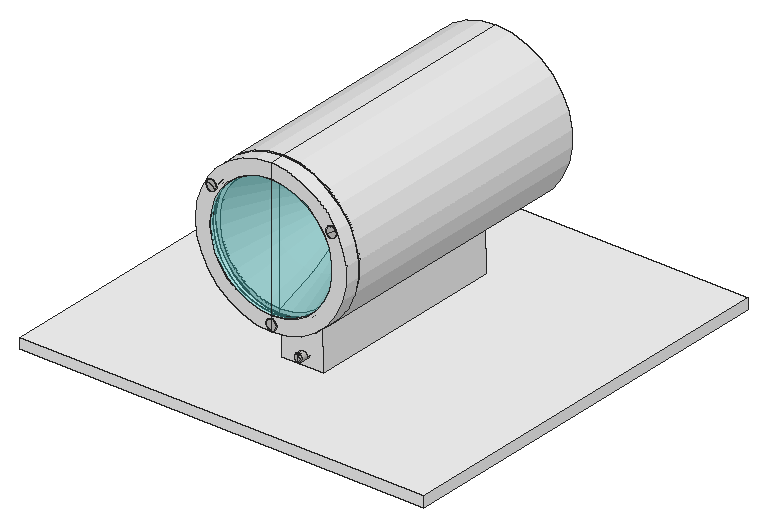
Revit family "BE_66698_de_DE", category Leuchten, Revit 2015
Parameters (values of type "BEGA_66698_Weiß_K4")
  built-in parameter 1150104 = 7.488 (stored number, unit not read)
  Wattage = 18 W
  Default Elevation = 0 mm
  built-in parameter 1150113 = 1 (stored number, unit not read)
  built-in parameter 1114218 = 1 (stored number, unit not read)
  Umgebungstemperatur = "25 °C"
  URL = "http://www.bega.de/produkt/66698"
  Typenkommentare = "© 2017 BEGA. Wir behalten uns das Recht vor, technische Änderungen ohne vorherige Ankündigung vorzunehmen."  # constant formula
  Type Image = 66698.png
  built-in parameter 1150134 = 12
  built-in parameter 1150109 = 1 (stored number, unit not read)
  Strom = ""
  built-in parameter 1150110 = 1 (stored number, unit not read)
  Spannung = 239.996 V
  Sonderanfertigung = no
  Seriennummer [instance] = "Hier können Sie die eindeutige Seriennummer für das Facility Management eintragen."
  Schutzklasse = "I"
  Schutzart = "IP 65"
  Scheinlast = 0 VA
  Produktdatenblatt = "http://www.bega.de/download/Xrfa/db/66698.db.de.pdf"
  Oberflächentemperatur = ""
  Neigungswinkel = 0.00°
  Modell = "66698WK4"
  Material_17 = BEGA_Reflektor
  Material_15 = BEGA_Leuchtmedium_matt
  Material_11 = BEGA_Glas_opal
  Material_09 = BEGA_Glas_klar
  Material_06 = BEGA_Oberfläche_Edelstahl_gebürstet
  Material_03 = BEGA_Oberfläche_Weiss_matt
  Material_02 = BEGA_Oberfläche_Silber_matt
  Material_01 [instance] = BEGA_Oberfläche_Grafit_matt
  M_W = yes
  M_G = no
  M_A = no
  Logo = 0
  built-in parameter 1114217 = 1 (stored number, unit not read)
  built-in parameter 1150139 = (empty or 0)
  built-in parameter 1150105 = 115.45 (stored number, unit not read)
  built-in parameter 1150114 = 1 (stored number, unit not read)
  Lumens = 1450.8 lm
  built-in parameter 1150115 = 1 (stored number, unit not read)
  Leuchtenlichtstrom = "833 lm"
  Leuchtenanzahl = ""
  Lebensdauerkriterien = "L70 = 50.000 h"
  Lastklassifizierung = Beleuchtung
  built-in parameter 1150112 = 1 (stored number, unit not read)
  Lampenlichtstrom = "1450 lm"
  Lampe = "LED 18 W"
  LED_Modulbezeichnung = "LED-0222/840"
  built-in parameter 1150142 = (empty or 0)
  Hersteller = "BEGA"  # constant formula
  Halbstreuwinkel = ""
  Gewicht = "3.3 kg"
  Gebrauchslageneinschränkung [instance] = ""
  Frequenz = "0/50-60 Hz"
  Farbwiedergabeindex = "Ra > 80"
  Farbtemperaturverschiebung bei Dämpfen der Lampe = <Keine Auswahl>
  Farbtemperatur = "4000 K"
  Color Filter = 16777215
  built-in parameter 1150133 = 10 (stored number, unit not read)
  Energieeffizienzklasse = "LED A++ - A"
  built-in parameter 1150137 = (empty or 0)
  built-in parameter 1150132 = (empty or 0)
  ENEC = ""
  Dimmbar [instance] = ""
  Datei für fotometrisches Netz = "BE_66698K4.IES"
  CE_Konformität = "ja"
  Bestellnummer = "66698WK4"
  Beschreibung_Sonderanfertigung = "Hier können Sie Informationen zur Sonderanfertigung eintragen."
  Beschreibung = "Wandleuchte"
  built-in parameter 1150106 = 1.1545 (stored number, unit not read)
  Befestigungsbohrung = "Ø 5,3 mm"
  Befestigungsabstand = "160 x 14 mm"
  Ballwurfsicher = ""
  BEGA_Intern_aus = yes
  BEGA_Intern_an = yes
  BEGA_Intern_Konstruktion = yes
  BEGA_Intern = yes
  BEGA_IES = yes
  BEGA_Dummy = no
  Anschlussleitung = ""
  Anschlussleistung [instance] = "22.5 W"
  Anschlusskasten = ""
  built-in parameter 1150107 = 4000 (stored number, unit not read)
  built-in parameter 1150102 = (empty or 0)
  built-in parameter 1150138 = (empty or 0)
  Aktualisierung = "2017-02-22T04:16:27"
  Abstand_zur_angestrahlten_Fläche [instance] = ""
  AC/DC = "AC/DC"
Types (6, lengths in mm): name | built-in parameter 1150104 | built-in parameter 1150134 | Modell | M_W | M_G | M_A | built-in parameter 1150105 | Lumens | Leuchtenlichtstrom | Lampenlichtstrom | LED_Modulbezeichnung | Farbtemperatur | Datei für fotometrisches Netz | Bestellnummer | built-in parameter 1150106 | built-in parameter 1150107
  BEGA_66698_Silber_K4 | 7.488 (stored number, unit not read) | 12 | "66698AK4" | no | no | yes | 115.45 (stored number, unit not read) | 1450.8 lm | "833 lm" | "1450 lm" | "LED-0222/840" | "4000 K" | "BE_66698K4.IES" | "66698AK4" | 1.1545 (stored number, unit not read) | 4000 (stored number, unit not read)
  BEGA_66698_Weiß_K4 | 7.488 (stored number, unit not read) | 12 | "66698WK4" | yes | no | no | 115.45 (stored number, unit not read) | 1450.8 lm | "833 lm" | "1450 lm" | "LED-0222/840" | "4000 K" | "BE_66698K4.IES" | "66698WK4" | 1.1545 (stored number, unit not read) | 4000 (stored number, unit not read)
  BEGA_66698_Grafit_K3 | 6.9677 (stored number, unit not read) | (empty or 0) | "66698" | no | yes | no | 107.43 (stored number, unit not read) | 1350 lm | "776 lm" | "1350 lm" | "LED-0222/830" | "3000 K" | "BE_66698.IES" | "66698" | 1.0743 (stored number, unit not read) | 3000 (stored number, unit not read)
  BEGA_66698_Weiß_K3 | 6.9677 (stored number, unit not read) | (empty or 0) | "66698W" | yes | no | no | 107.43 (stored number, unit not read) | 1350 lm | "776 lm" | "1350 lm" | "LED-0222/830" | "3000 K" | "BE_66698.IES" | "66698W" | 1.0743 (stored number, unit not read) | 3000 (stored number, unit not read)
  BEGA_66698_Grafit_K4 | 7.488 (stored number, unit not read) | 12 | "66698K4" | no | yes | no | 115.45 (stored number, unit not read) | 1450.8 lm | "833 lm" | "1450 lm" | "LED-0222/840" | "4000 K" | "BE_66698K4.IES" | "66698K4" | 1.1545 (stored number, unit not read) | 4000 (stored number, unit not read)
  BEGA_66698_Silber_K3 | 6.9677 (stored number, unit not read) | (empty or 0) | "66698A" | no | no | yes | 107.43 (stored number, unit not read) | 1350 lm | "776 lm" | "1350 lm" | "LED-0222/830" | "3000 K" | "BE_66698.IES" | "66698A" | 1.0743 (stored number, unit not read) | 3000 (stored number, unit not read)
Reference planes
  plane 1 "Mitte (Vorne/Hinten)": y = 0
  plane 2: z = 0
  plane 3 "Mitte (Links/Rechts)": x = 0
  plane 4 "Links": x = -75
  plane 5 "Rechts": x = 75
  plane 6 "Unten": y = -138.971
  plane 7 "Oben": y = 138.971
  plane 8 "Vorne": z = 200
  plane 9 "Hinten": z = 0
Forms (mm)
  Extrusion 1, solid, material "BEGA_Platte_Weiss"
    sketch origin (0, -1119.2, 0) x (1, 0, 0) y (0, 1, 0)
      loop
        line (-200, 1319.2) -> (-200, 919.2) -> (200, 919.2) -> (200, 1319.2) -> (-200, 1319.2)
    from 0 to -10
  Extrusion 2, solid, material "BEGA_Dummy_matt", visible <- "BEGA_Dummy"
    sketch origin (80.095, -76.023, 0) x (1, 0, 0) y (0, 1, 0)
      loop
        line (-155.095, 214.994) -> (-155.095, -62.948) -> (-5.095, -62.948) -> (-5.095, 214.994) -> (-155.095, 214.994)
    from 0 to 200
Dimensions and locks
  plane 1 "Mitte (Vorne/Hinten)" to Extrusion 1 = 200 mm
  aligned and locked: plane 2 to Extrusion 1
  aligned and locked: level to Extrusion 1
Nested families
  nested 1: "BE_66698" at (0, 0, 0) x (0, -1, 0) z (0, 0, 1), type "BE_66698"
Connectors
  electrical at (0, 0, 0), driven by "Lastklassifizierung", driven by "Spannung", driven by "Scheinlast"
    settings: index 1, voltage 239.996 V, apparent load 0 VA, apparent load phase1 0 VA, apparent load phase2 0 VA, apparent load phase3 0 VA, power factor 1, load classification "Beleuchtung", number of poles 1, system type 31, power factor state 1, is connector primary yes, connector utility no, sub classification motor no, connector description ""
Definition of nested family "BE_66698"
  Parameters (values of type "BE_66698")
    Default Elevation = 1 mm
    URL = "http://www.bega.de/de/produkt"
    Type Comments = "© 2015 BEGA. Wir behalten uns das Recht vor, technische Änderungen ohne vorherige Ankündigung vorzunehmen. "  # constant formula
    Type Image = (empty or 0)
    Material_17 = none
    Material_15 = none
    Material_11 = none
    Material_09 = none
    Material_06 = none
    Material_03 = none
    Material_02 = none
    Material_01 = none
    M_W = yes
    M_G = yes
    M_A = yes
    Länge_Platte = 400 mm  # constant formula
    Höhe_Platte = -10 mm  # constant formula
    Manufacturer = "BEGA"  # constant formula
    Breite_Platte = 200 mm  # constant formula
  Reference planes
    plane 1 "Mitte (Oben/Unten)": y = 0
    plane 2: z = 0
    plane 3 "Mitte (Links/Rechts)": x = 0
    plane 4 "Unten": y = -75
    plane 5: x = -138.971
    plane 6: z = 198.5
    plane 7: x = 138.971
    plane 8: z = 0
    plane 9: y = 75
  Forms (mm)
    Extrusion 1, solid, detail levels medium
      sketch origin (0, 0, 0) x (1, 0, 0) y (0, 1, 0)
        loop
          line (-200, 100) -> (-200, -100) -> (200, -100) -> (200, 100) -> (-200, 100)
      from 0 to -10 <- "Höhe_Platte"
    Extrusion 2, solid, material <- "Material_01", visible <- "M_G", detail levels medium+fine
      sketch origin (0, 0, 0) x (0, 1, 0) y (0, 0, 1)
        loop
          line (-20, 48.5) -> (-20.803, 2.5) -> (-16.072, 2.5) -> (-16.072, 49.351) -> (-17.846, 50.654) -> (-20, 48.5)
        loop
          line (20, 48.5) -> (17.846, 50.654) -> (16.072, 49.351) -> (16.072, 2.5) -> (20.803, 2.5) -> (20, 48.5)
      from -100.021 to 99.979
    Extrusion 3, solid, material <- "Material_01", visible <- "M_G", detail levels medium+fine
      sketch origin (0, 0, 0) x (0, 1, 0) y (0, 0, 1)
        loop
          line (-16.072, 49.351) -> (-17.846, 50.654) -> (-20, 48.5) -> (-20.803, 2.5) -> (20.803, 2.5) -> (20, 48.5) -> (17.846, 50.654) -> (13.469, 47.439)
          arc (13.469, 47.439) -> (-1.615, 43.552) -> (-16.072, 49.351) r 25
      from 96.138 to 99.979
    Extrusion 4, solid, material <- "Material_01", visible <- "M_G", detail levels medium+fine
      sketch origin (0, 0, 0) x (0, 1, 0) y (0, 0, -1)
        loop
          arc (-16.072, -49.351) -> (-1.615, -43.552) -> (13.469, -47.439) r 25
          line (13.469, -47.439) -> (17.846, -50.654) -> (20, -48.5) -> (20.803, -2.5) -> (-20.803, -2.5) -> (-20, -48.5) -> (-17.846, -50.654) -> (-16.072, -49.351)
      from 96.138 to 100.021
    Sweep 5, solid, material <- "Material_01", visible <- "M_G", detail levels medium+fine
      path origin (0, 0, 0) x (1, 0, 0) y (0, 1, 0)
        loop
          line (99.979, -20.803) -> (99.979, 20.803) -> (-100.021, 20.803) -> (-100.021, -20.803) -> (99.979, -20.803)
      profile origin (99.979, 0, 0) x (-1, 0, 0) y (0, 0, 1)
        loop
          line (7.192, 13.5) -> (7, 2.5) -> (5, 2.5) -> (5, 0) -> (10.71, 0) -> (10.71, 11.5) -> (17.119, 11.5) -> (17.119, 13.5) -> (7.192, 13.5)
    Extrusion 6, solid, material <- "Material_01", visible <- "M_G", detail levels medium+fine
      sketch origin (0, 0, 0) x (1, 0, 0) y (0, 1, 0)
        loop
          line (-82.902, 3.684) -> (-82.902, -3.684) -> (82.86, -3.684) -> (82.86, 3.684) -> (-82.902, 3.684)
      from 11.5 to 13.5
    Revolve 7, solid, material <- "Material_01", visible <- "M_G", detail levels medium+fine
      sketch origin (0, 0, 0) x (1, 0, 0) y (0, 0, 1)
        loop
          line (123.471, 198.5) -> (-138.971, 198.5) -> (-138.971, 123.5) -> (-136.971, 123.5) -> (-136.971, 194.5) -> (124.471, 194.5) -> (124.471, 183.122) -> (126.971, 183.122) -> (126.971, 196.25) -> (123.471, 196.25) -> (123.471, 198.5)
        axis (-138.971, 123.5) -> (126.971, 123.5)
      angle from 0 to 360
    Revolve 8, solid, material <- "Material_01", visible <- "M_G", detail levels medium+fine
      sketch origin (0, 0, 0) x (1, 0, 0) y (0, 0, 1)
        loop
          line (138.971, 198.256) -> (124.971, 198.5) -> (124.971, 196.8) -> (127.571, 196.755) -> (127.571, 188.505) -> (136.072, 188.505) -> (136.072, 184) -> (138.971, 184) -> (138.971, 198.256)
        axis (124.971, 123.5) -> (138.971, 123.5)
      angle from 0 to 360
    Revolve 9, solid, material <- "Material_09", detail levels medium+fine
      sketch origin (0, 0, 0) x (1, 0, 0) y (0, 0, 1)
        loop
          line (128.971, 186.5) -> (128.971, 123.5) -> (138.971, 123.5) -> (138.971, 183.75) -> (135.571, 183.75)
          arc (135.571, 183.75) -> (134.864, 184.043) -> (134.571, 184.75) r 1
          line (134.571, 184.75) -> (134.571, 186.5) -> (128.971, 186.5)
        axis (128.971, 123.5) -> (138.971, 123.5)
      angle from 0 to 360
    Revolve 10, solid, material <- "Material_17", detail levels medium+fine
      sketch origin (0, 0, 0) x (1, 0, 0) y (0, 0, 1)
        loop
          line (128.971, 182.264) -> (128.971, 186) -> (128.055, 186) -> (128.055, 182.691)
          arc (128.055, 182.691) -> (86.838, 167.677) -> (48.618, 146.15) r 268.405
          line (48.618, 146.15) -> (47.425, 132.516) -> (48.259, 132.516) -> (49.412, 145.689)
          arc (49.412, 145.689) -> (87.69, 167.243) -> (128.971, 182.264) r 268.405
        axis (47.425, 123.5) -> (128.971, 123.5)
      angle from 0 to 360
    Revolve 11, solid, material <- "Material_15", detail levels medium+fine
      sketch origin (0, 0, 0) x (1, 0, 0) y (0, 0, 1)
        loop
          line (46.621, 132.363) -> (45.727, 132.363) -> (45.727, 123.5) -> (46.621, 123.5) -> (46.621, 132.363)
        axis (45.727, 123.5) -> (46.727, 123.5)
      angle from 0 to 360
    Revolve 12, solid, material <- "Material_06", detail levels fine
      sketch origin (0, 0, 0) x (1, 0, 0) y (0, 0, 1)
        loop
          line (93.211, 15) -> (93.211, 11) -> (106.711, 11) -> (106.711, 14) -> (105.221, 14) -> (105.221, 15) -> (93.211, 15)
        axis (93.211, 11) -> (106.711, 11)
      angle from 0 to 360
    Sweep 13, solid, material <- "Material_02", visible <- "M_A", detail levels medium+fine
      path origin (0, 0, 0) x (1, 0, 0) y (0, 1, 0)
        loop
          line (99.979, -20.803) -> (99.979, 20.803) -> (-100.021, 20.803) -> (-100.021, -20.803) -> (99.979, -20.803)
      profile origin (99.979, 0, 0) x (-1, 0, 0) y (0, 0, 1)
        loop
          line (7.192, 13.5) -> (7, 2.5) -> (5, 2.5) -> (5, 0) -> (10.71, 0) -> (10.71, 11.5) -> (17.119, 11.5) -> (17.119, 13.5) -> (7.192, 13.5)
    Extrusion 14, solid, material <- "Material_02", visible <- "M_A", detail levels medium+fine
      sketch origin (0, 0, 0) x (1, 0, 0) y (0, 1, 0)
        loop
          line (-82.902, 3.684) -> (-82.902, -3.684) -> (82.86, -3.684) -> (82.86, 3.684) -> (-82.902, 3.684)
      from 11.5 to 13.5
    Sweep 15, solid, material <- "Material_03", visible <- "M_W", detail levels medium+fine
      path origin (0, 0, 0) x (1, 0, 0) y (0, 1, 0)
        loop
          line (99.979, -20.803) -> (99.979, 20.803) -> (-100.021, 20.803) -> (-100.021, -20.803) -> (99.979, -20.803)
      profile origin (99.979, 0, 0) x (-1, 0, 0) y (0, 0, 1)
        loop
          line (7.192, 13.5) -> (7, 2.5) -> (5, 2.5) -> (5, 0) -> (10.71, 0) -> (10.71, 11.5) -> (17.119, 11.5) -> (17.119, 13.5) -> (7.192, 13.5)
    Extrusion 16, solid, material <- "Material_03", visible <- "M_W", detail levels medium+fine
      sketch origin (0, 0, 0) x (1, 0, 0) y (0, 1, 0)
        loop
          line (-82.902, 3.684) -> (-82.902, -3.684) -> (82.86, -3.684) -> (82.86, 3.684) -> (-82.902, 3.684)
      from 11.5 to 13.5
    Extrusion 17, solid, material <- "Material_02", visible <- "M_A", detail levels medium+fine
      sketch origin (0, 0, 0) x (0, 1, 0) y (0, 0, 1)
        loop
          line (-20, 48.5) -> (-20.803, 2.5) -> (-16.072, 2.5) -> (-16.072, 49.351) -> (-17.846, 50.654) -> (-20, 48.5)
        loop
          line (20, 48.5) -> (17.846, 50.654) -> (16.072, 49.351) -> (16.072, 2.5) -> (20.803, 2.5) -> (20, 48.5)
      from -100.021 to 99.979
    Extrusion 18, solid, material <- "Material_02", visible <- "M_A", detail levels medium+fine
      sketch origin (0, 0, 0) x (0, 1, 0) y (0, 0, 1)
        loop
          line (-16.072, 49.351) -> (-17.846, 50.654) -> (-20, 48.5) -> (-20.803, 2.5) -> (20.803, 2.5) -> (20, 48.5) -> (17.846, 50.654) -> (13.469, 47.439)
          arc (13.469, 47.439) -> (-1.615, 43.552) -> (-16.072, 49.351) r 25
      from 96.138 to 99.979
    Extrusion 19, solid, material <- "Material_02", visible <- "M_A", detail levels medium+fine
      sketch origin (0, 0, 0) x (0, 1, 0) y (0, 0, -1)
        loop
          arc (-16.072, -49.351) -> (-1.615, -43.552) -> (13.469, -47.439) r 25
          line (13.469, -47.439) -> (17.846, -50.654) -> (20, -48.5) -> (20.803, -2.5) -> (-20.803, -2.5) -> (-20, -48.5) -> (-17.846, -50.654) -> (-16.072, -49.351)
      from 96.138 to 100.021
    Extrusion 20, solid, material <- "Material_03", visible <- "M_W", detail levels medium+fine
      sketch origin (0, 0, 0) x (0, 1, 0) y (0, 0, 1)
        loop
          line (-20, 48.5) -> (-20.803, 2.5) -> (-16.072, 2.5) -> (-16.072, 49.351) -> (-17.846, 50.654) -> (-20, 48.5)
        loop
          line (20, 48.5) -> (17.846, 50.654) -> (16.072, 49.351) -> (16.072, 2.5) -> (20.803, 2.5) -> (20, 48.5)
      from -100.021 to 99.979
    Extrusion 21, solid, material <- "Material_03", visible <- "M_W", detail levels medium+fine
      sketch origin (0, 0, 0) x (0, 1, 0) y (0, 0, 1)
        loop
          line (-16.072, 49.351) -> (-17.846, 50.654) -> (-20, 48.5) -> (-20.803, 2.5) -> (20.803, 2.5) -> (20, 48.5) -> (17.846, 50.654) -> (13.469, 47.439)
          arc (13.469, 47.439) -> (-1.615, 43.552) -> (-16.072, 49.351) r 25
      from 96.138 to 99.979
    Extrusion 22, solid, material <- "Material_03", visible <- "M_W", detail levels medium+fine
      sketch origin (0, 0, 0) x (0, 1, 0) y (0, 0, -1)
        loop
          arc (-16.072, -49.351) -> (-1.615, -43.552) -> (13.469, -47.439) r 25
          line (13.469, -47.439) -> (17.846, -50.654) -> (20, -48.5) -> (20.803, -2.5) -> (-20.803, -2.5) -> (-20, -48.5) -> (-17.846, -50.654) -> (-16.072, -49.351)
      from 96.138 to 100.021
    Revolve 23, solid, material <- "Material_02", visible <- "M_A", detail levels medium+fine
      sketch origin (0, 0, 0) x (1, 0, 0) y (0, 0, 1)
        loop
          line (123.471, 198.5) -> (-138.971, 198.5) -> (-138.971, 123.5) -> (-136.971, 123.5) -> (-136.971, 194.5) -> (124.471, 194.5) -> (124.471, 183.122) -> (126.971, 183.122) -> (126.971, 196.25) -> (123.471, 196.25) -> (123.471, 198.5)
        axis (-138.971, 123.5) -> (126.971, 123.5)
      angle from 0 to 360
    Revolve 24, solid, material <- "Material_02", visible <- "M_A", detail levels medium+fine
      sketch origin (0, 0, 0) x (1, 0, 0) y (0, 0, 1)
        loop
          line (138.971, 198.256) -> (124.971, 198.5) -> (124.971, 196.8) -> (127.571, 196.755) -> (127.571, 188.505) -> (136.072, 188.505) -> (136.072, 184) -> (138.971, 184) -> (138.971, 198.256)
        axis (124.971, 123.5) -> (138.971, 123.5)
      angle from 0 to 360
    Revolve 25, solid, material <- "Material_03", visible <- "M_W", detail levels medium+fine
      sketch origin (0, 0, 0) x (1, 0, 0) y (0, 0, 1)
        loop
          line (123.471, 198.5) -> (-138.971, 198.5) -> (-138.971, 123.5) -> (-136.971, 123.5) -> (-136.971, 194.5) -> (124.471, 194.5) -> (124.471, 183.122) -> (126.971, 183.122) -> (126.971, 196.25) -> (123.471, 196.25) -> (123.471, 198.5)
        axis (-138.971, 123.5) -> (126.971, 123.5)
      angle from 0 to 360
    Revolve 26, solid, material <- "Material_03", visible <- "M_W", detail levels medium+fine
      sketch origin (0, 0, 0) x (1, 0, 0) y (0, 0, 1)
        loop
          line (138.971, 198.256) -> (124.971, 198.5) -> (124.971, 196.8) -> (127.571, 196.755) -> (127.571, 188.505) -> (136.072, 188.505) -> (136.072, 184) -> (138.971, 184) -> (138.971, 198.256)
        axis (124.971, 123.5) -> (138.971, 123.5)
      angle from 0 to 360
    Revolve 27, void
      sketch origin (0, 106.954, 185.25) x (1, 0, 0) y (0, -0.866025, -0.5)
        loop
          line (136.495, 57.824) -> (136.495, 55) -> (139.189, 55) -> (139.189, 60.518) -> (136.495, 57.824)
        axis (136.495, 55) -> (139.189, 55)
      angle from 0 to 360
    Revolve 28, void
      sketch origin (0, 0, 0) x (1, 0, 0) y (0, 0, 1)
        loop
          line (136.495, 57.824) -> (136.495, 55) -> (139.189, 55) -> (139.189, 60.518) -> (136.495, 57.824)
        axis (136.495, 55) -> (139.189, 55)
      angle from 0 to 360
    Revolve 29, void
      sketch origin (0, -106.954, 185.25) x (1, 0, 0) y (0, 0.866025, -0.5)
        loop
          line (136.495, 57.824) -> (136.495, 55) -> (139.189, 55) -> (139.189, 60.518) -> (136.495, 57.824)
        axis (136.495, 55) -> (139.189, 55)
      angle from 0 to 360
    Revolve 30, solid, material <- "Material_06", detail levels fine
      sketch origin (0, 0, 0) x (1, 0, 0) y (0, 0, 1)
        loop
          line (138.971, 59.997) -> (138.132, 59.997) -> (138.132, 55) -> (138.971, 55) -> (138.971, 59.997)
        axis (138.132, 55) -> (139.132, 55)
      angle from 0 to 360
    Revolve 31, solid, material <- "Material_06", detail levels fine
      sketch origin (0, -106.954, 185.25) x (1, 0, 0) y (0, 0.866025, -0.5)
        loop
          line (138.971, 59.997) -> (138.132, 59.997) -> (138.132, 55) -> (138.971, 55) -> (138.971, 59.997)
        axis (138.132, 55) -> (139.132, 55)
      angle from 0 to 360
    Revolve 32, solid, material <- "Material_06", detail levels fine
      sketch origin (0, 106.954, 185.25) x (1, 0, 0) y (0, -0.866025, -0.5)
        loop
          line (138.971, 59.997) -> (138.132, 59.997) -> (138.132, 55) -> (138.971, 55) -> (138.971, 59.997)
        axis (138.132, 55) -> (139.132, 55)
      angle from 0 to 360
    Extrusion 33, void
      sketch origin (0, 0, 0) x (1, 0, 0) y (0, 1, 0)
        loop
          circle (79.979, -7) r 2.65
        loop
          circle (-80.021, 7) r 2.65
        loop
          circle (-57.021, 0) r 8.5
        loop
          circle (-24.021, 0) r 8.5
      from 0 to 19.5
  Cuts and joins
    joined: Extrusion 2, Extrusion 3, Extrusion 4
    Extrusion 33 cuts Sweep 5
    Extrusion 33 cuts Extrusion 6
    joined: Sweep 5, Extrusion 6
    Extrusion 33 cuts Sweep 13
    Extrusion 33 cuts Extrusion 14
    joined: Sweep 13, Extrusion 14
    Extrusion 33 cuts Sweep 15
    Extrusion 33 cuts Extrusion 16
    joined: Sweep 15, Extrusion 16
    joined: Extrusion 17, Extrusion 18, Extrusion 19
    joined: Extrusion 20, Extrusion 21, Extrusion 22
    Revolve 27, Revolve 28, Revolve 29 cuts Revolve 26
    Revolve 27, Revolve 28, Revolve 29 cuts Revolve 24
    Revolve 27, Revolve 28, Revolve 29 cuts Revolve 8
    Extrusion 33 cuts Revolve 7
    Extrusion 33 cuts Revolve 10
    Extrusion 33 cuts Revolve 23
    Extrusion 33 cuts Revolve 25
  Dimensions and locks
    equal spacing: Extrusion 1 sketch curve, plane 3 "Mitte (Links/Rechts)", Extrusion 1 sketch curve
    equal spacing: Extrusion 1 sketch curve, plane 1 "Mitte (Oben/Unten)", Extrusion 1 sketch curve
    "Länge_Platte": Extrusion 1 sketch curve to Extrusion 1 sketch curve
    "Breite_Platte": Extrusion 1 sketch curve to Extrusion 1 sketch curve
    aligned and locked: plane 2 to Extrusion 1
    aligned and locked: level to Extrusion 1
  Automatic sketch dimensions
    level to Extrusion 2 sketch curve = 2.5 mm  (x2)
    plane 1 "Mitte (Oben/Unten)" to Extrusion 2 sketch curve = 20.803 mm
    plane 1 "Mitte (Oben/Unten)" to Extrusion 2 sketch curve = 20 mm
    Extrusion 2 sketch curve to Extrusion 2 sketch curve = 2.154 mm  (x2)
    Extrusion 2 sketch curve to Extrusion 2 sketch curve = 4.731 mm  (x2)
    Extrusion 2 sketch curve to plane 1 "Mitte (Oben/Unten)" = 16.072 mm
    Extrusion 2 sketch curve to Extrusion 2 sketch curve = 1.773 mm
    Extrusion 2 sketch curve to Extrusion 2 sketch curve = 46 mm
    Extrusion 2 sketch curve to Extrusion 2 sketch curve = 0 mm
    Extrusion 2 sketch curve to Extrusion 2 sketch curve = 0.851 mm  (x2)
    Extrusion 2 sketch curve to Extrusion 2 sketch curve = 1.303 mm  (x2)
    level to Extrusion 3 sketch curve = 2.5 mm
    plane 1 "Mitte (Oben/Unten)" to Extrusion 3 sketch curve = 20.803 mm
    plane 1 "Mitte (Oben/Unten)" to Extrusion 3 sketch curve = 20 mm
    Extrusion 3 sketch curve to Extrusion 3 sketch curve = 2.154 mm  (x3)
    Extrusion 3 sketch curve to Extrusion 3 sketch curve = 1.774 mm
    Extrusion 3 sketch curve to plane 1 "Mitte (Oben/Unten)" = 0 mm
    Extrusion 3 sketch curve to plane 1 "Mitte (Oben/Unten)" = 13.469 mm
    Extrusion 3 sketch curve to Extrusion 3 sketch curve = 4.377 mm
    Extrusion 3 sketch curve to plane 1 "Mitte (Oben/Unten)" = 20.803 mm
    Extrusion 3 sketch curve to Extrusion 3 sketch curve = 44.939 mm
    Extrusion 3 sketch curve to Extrusion 3 sketch curve = 1.061 mm  (x2)
    Extrusion 3 sketch curve to Extrusion 3 sketch curve = 0.851 mm
    Extrusion 3 sketch curve to Extrusion 3 sketch curve = 1.303 mm
    level to Extrusion 4 sketch curve = 2.5 mm
    plane 1 "Mitte (Oben/Unten)" to Extrusion 4 sketch curve = 20.803 mm
    plane 1 "Mitte (Oben/Unten)" to Extrusion 4 sketch curve = 20 mm
    Extrusion 4 sketch curve to Extrusion 4 sketch curve = 2.154 mm  (x3)
    Extrusion 4 sketch curve to Extrusion 4 sketch curve = 1.774 mm
    Extrusion 4 sketch curve to plane 1 "Mitte (Oben/Unten)" = 0 mm
    Extrusion 4 sketch curve to plane 1 "Mitte (Oben/Unten)" = 13.469 mm
    Extrusion 4 sketch curve to Extrusion 4 sketch curve = 4.377 mm
    Extrusion 4 sketch curve to plane 1 "Mitte (Oben/Unten)" = 20.803 mm
    Extrusion 4 sketch curve to Extrusion 4 sketch curve = 44.939 mm
    Extrusion 4 sketch curve to Extrusion 4 sketch curve = 1.061 mm  (x2)
    Extrusion 4 sketch curve to Extrusion 4 sketch curve = 0.851 mm
    Extrusion 4 sketch curve to Extrusion 4 sketch curve = 1.303 mm
    Sweep 5 sketch curve to plane 1 "Mitte (Oben/Unten)" = 20.803 mm
    plane 3 "Mitte (Links/Rechts)" to Sweep 5 sketch curve = 99.979 mm
    plane 1 "Mitte (Oben/Unten)" to Sweep 5 sketch curve = 20.803 mm
    Sweep 5 sketch curve to level = 0 mm
    Sweep 5 sketch curve to profile plane = 5 mm
    level to Sweep 5 sketch curve = 2.5 mm
    Sweep 5 sketch curve to Sweep 5 sketch curve = 2 mm  (x2)
    Sweep 5 sketch curve to profile plane = 7.192 mm
    Sweep 5 sketch curve to Sweep 5 sketch curve = 3.518 mm
    Sweep 5 sketch curve to Sweep 5 sketch curve = 6.409 mm
    Sweep 5 sketch curve to Sweep 5 sketch curve = 9 mm
    Extrusion 6 sketch curve to plane 1 "Mitte (Oben/Unten)" = 3.684 mm
    Extrusion 6 sketch curve to plane 3 "Mitte (Links/Rechts)" = 82.902 mm
    plane 3 "Mitte (Links/Rechts)" to Extrusion 6 sketch curve = 82.86 mm
    plane 1 "Mitte (Oben/Unten)" to Extrusion 6 sketch curve = 3.684 mm
    Revolve 7 sketch curve to Revolve 7 sketch curve = 2 mm
    Revolve 7 sketch curve to Revolve 7 sketch curve = 1 mm
    Revolve 7 sketch curve to Revolve 7 sketch curve = 2.5 mm
    Revolve 7 sketch curve to Revolve 7 sketch curve = 1.75 mm
    Revolve 7 sketch curve to Revolve 7 sketch curve = 11.378 mm
    Revolve 7 sketch curve to Revolve 7 sketch curve = 71 mm
    Revolve 7 sketch curve to Revolve 7 sketch curve = 0 mm  (x2)
    Revolve 7 sketch curve to plane 3 "Mitte (Links/Rechts)" = 67.675 mm
    Revolve 8 sketch curve to Revolve 8 sketch curve = 2.6 mm
    Revolve 8 sketch curve to Revolve 8 sketch curve = 8.501 mm
    Revolve 8 sketch curve to Revolve 8 sketch curve = 2.899 mm
    Revolve 8 sketch curve to Revolve 8 sketch curve = 0.045 mm
    Revolve 8 sketch curve to Revolve 8 sketch curve = 8.249 mm
    Revolve 8 sketch curve to Revolve 8 sketch curve = 4.505 mm
    plane 3 "Mitte (Links/Rechts)" to Revolve 8 sketch curve = 57.571 mm
    Revolve 8 sketch curve to Revolve 8 sketch curve = 60.5 mm
    Revolve 9 sketch curve to Revolve 9 sketch curve = 5.6 mm
    Revolve 9 sketch curve to Revolve 9 sketch curve = 1 mm
    Revolve 9 sketch curve to Revolve 9 sketch curve = 10 mm
    Revolve 9 sketch curve to Revolve 9 sketch curve = 1.75 mm
    Revolve 9 sketch curve to Revolve 9 sketch curve = 23.822 mm
    Revolve 9 sketch curve to Revolve 9 sketch curve = 12.605 mm
    Revolve 9 sketch curve to Revolve 9 sketch curve = 0 mm
    plane 3 "Mitte (Links/Rechts)" to Revolve 10 sketch curve = 47.425 mm
    Revolve 10 sketch curve to Revolve 10 sketch curve = 0.835 mm
    Revolve 10 sketch curve to Revolve 10 sketch curve = 0.358 mm
    Revolve 10 sketch curve to Revolve 10 sketch curve = 0.794 mm
    Revolve 10 sketch curve to Revolve 10 sketch curve = 0.916 mm
    Revolve 10 sketch curve to Revolve 10 sketch curve = 0.427 mm
    Revolve 10 sketch curve to Revolve 10 sketch curve = 36.541 mm
    Revolve 10 sketch curve to Revolve 10 sketch curve = 0.462 mm
    Revolve 10 sketch curve to Revolve 10 sketch curve = 13.173 mm
    Revolve 10 sketch curve to Revolve 10 sketch curve = 3.309 mm
    Revolve 10 sketch curve to Revolve 10 sketch curve = 26.096 mm
    Revolve 10 sketch curve to Revolve 10 sketch curve = 10 mm
    Revolve 10 sketch curve to Revolve 10 sketch curve = 9.016 mm
    plane 3 "Mitte (Links/Rechts)" to Revolve 11 sketch curve = 45.727 mm
    Revolve 11 sketch curve to Revolve 11 sketch curve = 0.893 mm
    Revolve 11 sketch curve to Revolve 11 sketch curve = 8.863 mm
    Revolve 11 sketch curve to Revolve 11 sketch curve = 0 mm  (x2)
    Revolve 11 sketch curve to Revolve 11 sketch curve = 4.971 mm
    level to Revolve 12 sketch curve = 15 mm
    plane 3 "Mitte (Links/Rechts)" to Revolve 12 sketch curve = 93.211 mm
    Revolve 12 sketch curve to Revolve 12 sketch curve = 12.01 mm
    Revolve 12 sketch curve to Revolve 12 sketch curve = 1.49 mm
    Revolve 12 sketch curve to Revolve 12 sketch curve = 1 mm
    Revolve 12 sketch curve to Revolve 12 sketch curve = 3 mm
    Revolve 12 sketch curve to Revolve 12 sketch curve = 1.954 mm
    Revolve 12 sketch curve to Revolve 12 sketch curve = 0.575 mm
    Revolve 12 sketch curve to Revolve 12 sketch curve = 0 mm
    Sweep 13 sketch curve to plane 1 "Mitte (Oben/Unten)" = 20.803 mm
    plane 1 "Mitte (Oben/Unten)" to Sweep 13 sketch curve = 20.803 mm
    plane 3 "Mitte (Links/Rechts)" to Sweep 13 sketch curve = 99.979 mm
    Sweep 13 sketch curve to level = 0 mm
    Sweep 13 sketch curve to profile plane = 5 mm
    level to Sweep 13 sketch curve = 2.5 mm
    Sweep 13 sketch curve to Sweep 13 sketch curve = 2 mm  (x2)
    Sweep 13 sketch curve to profile plane = 7.192 mm
    Sweep 13 sketch curve to Sweep 13 sketch curve = 3.518 mm
    Sweep 13 sketch curve to Sweep 13 sketch curve = 6.409 mm
    Sweep 13 sketch curve to Sweep 13 sketch curve = 9 mm
    plane 1 "Mitte (Oben/Unten)" to Extrusion 14 sketch curve = 3.684 mm
    Extrusion 14 sketch curve to plane 3 "Mitte (Links/Rechts)" = 82.902 mm
    plane 3 "Mitte (Links/Rechts)" to Extrusion 14 sketch curve = 82.86 mm
    Extrusion 14 sketch curve to plane 1 "Mitte (Oben/Unten)" = 3.684 mm
    Sweep 15 sketch curve to plane 1 "Mitte (Oben/Unten)" = 20.803 mm
    plane 1 "Mitte (Oben/Unten)" to Sweep 15 sketch curve = 20.803 mm
    plane 3 "Mitte (Links/Rechts)" to Sweep 15 sketch curve = 99.979 mm
    Sweep 15 sketch curve to level = 0 mm
    Sweep 15 sketch curve to profile plane = 5 mm
    level to Sweep 15 sketch curve = 2.5 mm
    Sweep 15 sketch curve to Sweep 15 sketch curve = 2 mm  (x2)
    Sweep 15 sketch curve to profile plane = 7.192 mm
    Sweep 15 sketch curve to Sweep 15 sketch curve = 3.518 mm
    Sweep 15 sketch curve to Sweep 15 sketch curve = 6.409 mm
    Sweep 15 sketch curve to Sweep 15 sketch curve = 9 mm
    plane 1 "Mitte (Oben/Unten)" to Extrusion 16 sketch curve = 3.684 mm
    Extrusion 16 sketch curve to plane 3 "Mitte (Links/Rechts)" = 82.902 mm
    plane 3 "Mitte (Links/Rechts)" to Extrusion 16 sketch curve = 82.86 mm
    Extrusion 16 sketch curve to plane 1 "Mitte (Oben/Unten)" = 3.684 mm
    level to Extrusion 17 sketch curve = 2.5 mm  (x2)
    plane 1 "Mitte (Oben/Unten)" to Extrusion 17 sketch curve = 20.803 mm
    plane 1 "Mitte (Oben/Unten)" to Extrusion 17 sketch curve = 20 mm
    Extrusion 17 sketch curve to Extrusion 17 sketch curve = 2.154 mm  (x2)
    Extrusion 17 sketch curve to Extrusion 17 sketch curve = 4.731 mm  (x2)
    Extrusion 17 sketch curve to plane 1 "Mitte (Oben/Unten)" = 16.072 mm
    Extrusion 17 sketch curve to Extrusion 17 sketch curve = 1.773 mm
    Extrusion 17 sketch curve to Extrusion 17 sketch curve = 46 mm
    Extrusion 17 sketch curve to Extrusion 17 sketch curve = 0 mm
    Extrusion 17 sketch curve to Extrusion 17 sketch curve = 0.851 mm  (x2)
    Extrusion 17 sketch curve to Extrusion 17 sketch curve = 1.303 mm  (x2)
    level to Extrusion 18 sketch curve = 2.5 mm
    plane 1 "Mitte (Oben/Unten)" to Extrusion 18 sketch curve = 20.803 mm
    plane 1 "Mitte (Oben/Unten)" to Extrusion 18 sketch curve = 20 mm
    Extrusion 18 sketch curve to Extrusion 18 sketch curve = 2.154 mm  (x3)
    Extrusion 18 sketch curve to Extrusion 18 sketch curve = 1.774 mm
    Extrusion 18 sketch curve to plane 1 "Mitte (Oben/Unten)" = 0 mm
    Extrusion 18 sketch curve to plane 1 "Mitte (Oben/Unten)" = 13.469 mm
    Extrusion 18 sketch curve to Extrusion 18 sketch curve = 4.377 mm
    Extrusion 18 sketch curve to plane 1 "Mitte (Oben/Unten)" = 20.803 mm
    Extrusion 18 sketch curve to Extrusion 18 sketch curve = 44.939 mm
    Extrusion 18 sketch curve to Extrusion 18 sketch curve = 1.061 mm  (x2)
    Extrusion 18 sketch curve to Extrusion 18 sketch curve = 0.851 mm
    Extrusion 18 sketch curve to Extrusion 18 sketch curve = 1.303 mm
    level to Extrusion 19 sketch curve = 2.5 mm
    plane 1 "Mitte (Oben/Unten)" to Extrusion 19 sketch curve = 20.803 mm
    plane 1 "Mitte (Oben/Unten)" to Extrusion 19 sketch curve = 20 mm
    Extrusion 19 sketch curve to Extrusion 19 sketch curve = 2.154 mm  (x3)
    Extrusion 19 sketch curve to Extrusion 19 sketch curve = 1.774 mm
    Extrusion 19 sketch curve to plane 1 "Mitte (Oben/Unten)" = 0 mm
    Extrusion 19 sketch curve to plane 1 "Mitte (Oben/Unten)" = 13.469 mm
    Extrusion 19 sketch curve to Extrusion 19 sketch curve = 4.377 mm
    Extrusion 19 sketch curve to plane 1 "Mitte (Oben/Unten)" = 20.803 mm
    Extrusion 19 sketch curve to Extrusion 19 sketch curve = 44.939 mm
    Extrusion 19 sketch curve to Extrusion 19 sketch curve = 1.061 mm  (x2)
    Extrusion 19 sketch curve to Extrusion 19 sketch curve = 0.851 mm
    Extrusion 19 sketch curve to Extrusion 19 sketch curve = 1.303 mm
    level to Extrusion 20 sketch curve = 2.5 mm  (x2)
    plane 1 "Mitte (Oben/Unten)" to Extrusion 20 sketch curve = 20.803 mm
    plane 1 "Mitte (Oben/Unten)" to Extrusion 20 sketch curve = 20 mm
    Extrusion 20 sketch curve to Extrusion 20 sketch curve = 2.154 mm  (x2)
    Extrusion 20 sketch curve to Extrusion 20 sketch curve = 4.731 mm  (x2)
    Extrusion 20 sketch curve to plane 1 "Mitte (Oben/Unten)" = 16.072 mm
    Extrusion 20 sketch curve to Extrusion 20 sketch curve = 1.773 mm
    Extrusion 20 sketch curve to Extrusion 20 sketch curve = 46 mm
    Extrusion 20 sketch curve to Extrusion 20 sketch curve = 0 mm
    Extrusion 20 sketch curve to Extrusion 20 sketch curve = 0.851 mm  (x2)
    Extrusion 20 sketch curve to Extrusion 20 sketch curve = 1.303 mm  (x2)
    level to Extrusion 21 sketch curve = 2.5 mm
    plane 1 "Mitte (Oben/Unten)" to Extrusion 21 sketch curve = 20.803 mm
    plane 1 "Mitte (Oben/Unten)" to Extrusion 21 sketch curve = 20 mm
    Extrusion 21 sketch curve to Extrusion 21 sketch curve = 2.154 mm  (x3)
    Extrusion 21 sketch curve to Extrusion 21 sketch curve = 1.774 mm
    Extrusion 21 sketch curve to plane 1 "Mitte (Oben/Unten)" = 0 mm
    Extrusion 21 sketch curve to plane 1 "Mitte (Oben/Unten)" = 13.469 mm
    Extrusion 21 sketch curve to Extrusion 21 sketch curve = 4.377 mm
    Extrusion 21 sketch curve to plane 1 "Mitte (Oben/Unten)" = 20.803 mm
    Extrusion 21 sketch curve to Extrusion 21 sketch curve = 44.939 mm
    Extrusion 21 sketch curve to Extrusion 21 sketch curve = 1.061 mm  (x2)
    Extrusion 21 sketch curve to Extrusion 21 sketch curve = 0.851 mm
    Extrusion 21 sketch curve to Extrusion 21 sketch curve = 1.303 mm
    level to Extrusion 22 sketch curve = 2.5 mm
    plane 1 "Mitte (Oben/Unten)" to Extrusion 22 sketch curve = 20.803 mm
    plane 1 "Mitte (Oben/Unten)" to Extrusion 22 sketch curve = 20 mm
    Extrusion 22 sketch curve to Extrusion 22 sketch curve = 2.154 mm  (x3)
    Extrusion 22 sketch curve to Extrusion 22 sketch curve = 1.774 mm
    Extrusion 22 sketch curve to plane 1 "Mitte (Oben/Unten)" = 0 mm
    Extrusion 22 sketch curve to plane 1 "Mitte (Oben/Unten)" = 13.469 mm
    Extrusion 22 sketch curve to Extrusion 22 sketch curve = 4.377 mm
    Extrusion 22 sketch curve to plane 1 "Mitte (Oben/Unten)" = 20.803 mm
    Extrusion 22 sketch curve to Extrusion 22 sketch curve = 44.939 mm
    Extrusion 22 sketch curve to Extrusion 22 sketch curve = 1.061 mm  (x2)
    Extrusion 22 sketch curve to Extrusion 22 sketch curve = 0.851 mm
    Extrusion 22 sketch curve to Extrusion 22 sketch curve = 1.303 mm
    Revolve 23 sketch curve to Revolve 23 sketch curve = 2 mm
    Revolve 23 sketch curve to Revolve 23 sketch curve = 1 mm
    Revolve 23 sketch curve to Revolve 23 sketch curve = 2.5 mm
    Revolve 23 sketch curve to Revolve 23 sketch curve = 1.75 mm
    Revolve 23 sketch curve to Revolve 23 sketch curve = 11.378 mm
    Revolve 23 sketch curve to Revolve 23 sketch curve = 71 mm
    Revolve 23 sketch curve to Revolve 23 sketch curve = 0 mm  (x2)
    Revolve 23 sketch curve to plane 3 "Mitte (Links/Rechts)" = 67.675 mm
    Revolve 24 sketch curve to Revolve 24 sketch curve = 2.6 mm
    Revolve 24 sketch curve to Revolve 24 sketch curve = 8.501 mm
    Revolve 24 sketch curve to Revolve 24 sketch curve = 2.899 mm
    Revolve 24 sketch curve to Revolve 24 sketch curve = 0.045 mm
    Revolve 24 sketch curve to Revolve 24 sketch curve = 8.249 mm
    Revolve 24 sketch curve to Revolve 24 sketch curve = 4.505 mm
    plane 3 "Mitte (Links/Rechts)" to Revolve 24 sketch curve = 57.571 mm
    Revolve 24 sketch curve to Revolve 24 sketch curve = 60.5 mm
    Revolve 25 sketch curve to Revolve 25 sketch curve = 2 mm
    Revolve 25 sketch curve to Revolve 25 sketch curve = 1 mm
    Revolve 25 sketch curve to Revolve 25 sketch curve = 2.5 mm
    Revolve 25 sketch curve to Revolve 25 sketch curve = 1.75 mm
    Revolve 25 sketch curve to Revolve 25 sketch curve = 11.378 mm
    Revolve 25 sketch curve to Revolve 25 sketch curve = 71 mm
    Revolve 25 sketch curve to Revolve 25 sketch curve = 0 mm  (x2)
    Revolve 25 sketch curve to plane 3 "Mitte (Links/Rechts)" = 67.675 mm
    Revolve 26 sketch curve to Revolve 26 sketch curve = 2.6 mm
    Revolve 26 sketch curve to Revolve 26 sketch curve = 8.501 mm
    Revolve 26 sketch curve to Revolve 26 sketch curve = 2.899 mm
    Revolve 26 sketch curve to Revolve 26 sketch curve = 0.045 mm
    Revolve 26 sketch curve to Revolve 26 sketch curve = 8.249 mm
    Revolve 26 sketch curve to Revolve 26 sketch curve = 4.505 mm
    plane 3 "Mitte (Links/Rechts)" to Revolve 26 sketch curve = 57.571 mm
    Revolve 26 sketch curve to Revolve 26 sketch curve = 60.5 mm
    Revolve 27 sketch curve to Revolve 27 sketch curve = 2.695 mm  (x2)
    Revolve 27 sketch curve to Revolve 27 sketch curve = 2.824 mm
    Revolve 27 sketch curve to Revolve 27 sketch curve = 0.281 mm
    Revolve 27 sketch curve to Revolve 27 sketch curve = 1.098 mm
    Revolve 27 sketch curve to Revolve 27 sketch curve = 0 mm
    Revolve 28 sketch curve to Revolve 28 sketch curve = 2.695 mm  (x2)
    Revolve 28 sketch curve to Revolve 28 sketch curve = 2.824 mm
    Revolve 28 sketch curve to Revolve 28 sketch curve = 0.281 mm
    Revolve 28 sketch curve to Revolve 28 sketch curve = 1.098 mm
    Revolve 28 sketch curve to Revolve 28 sketch curve = 0 mm
    Revolve 29 sketch curve to Revolve 29 sketch curve = 2.695 mm  (x2)
    Revolve 29 sketch curve to Revolve 29 sketch curve = 2.824 mm
    Revolve 29 sketch curve to Revolve 29 sketch curve = 0.281 mm
    Revolve 29 sketch curve to Revolve 29 sketch curve = 1.098 mm
    Revolve 29 sketch curve to Revolve 29 sketch curve = 0 mm
    level to Revolve 28 sketch curve = 55 mm
    Revolve 30 sketch curve to Revolve 30 sketch curve = 0.839 mm
    Revolve 30 sketch curve to Revolve 30 sketch curve = 4.997 mm
    Revolve 30 sketch curve to Revolve 30 sketch curve = 0 mm  (x2)
    Revolve 30 sketch curve to Revolve 30 sketch curve = 0.338 mm
    Revolve 31 sketch curve to Revolve 31 sketch curve = 0.839 mm
    Revolve 31 sketch curve to Revolve 31 sketch curve = 4.997 mm
    Revolve 31 sketch curve to Revolve 31 sketch curve = 0 mm  (x2)
    Revolve 31 sketch curve to Revolve 31 sketch curve = 0.338 mm
    Revolve 32 sketch curve to Revolve 32 sketch curve = 0.839 mm
    Revolve 32 sketch curve to Revolve 32 sketch curve = 4.997 mm
    Revolve 32 sketch curve to Revolve 32 sketch curve = 0 mm  (x2)
    Revolve 32 sketch curve to Revolve 32 sketch curve = 0.338 mm
    level to Revolve 30 sketch curve = 55 mm
    plane 1 "Mitte (Oben/Unten)" to Extrusion 33 sketch curve = 0 mm  (x2)
    Extrusion 33 sketch curve to plane 1 "Mitte (Oben/Unten)" = 7 mm
    Extrusion 33 sketch curve to plane 3 "Mitte (Links/Rechts)" = 80.021 mm
    Extrusion 33 sketch curve to Extrusion 33 sketch curve = 23 mm
    Extrusion 33 sketch curve to plane 3 "Mitte (Links/Rechts)" = 24.021 mm
    plane 1 "Mitte (Oben/Unten)" to Extrusion 33 sketch curve = 7 mm
    plane 3 "Mitte (Links/Rechts)" to Extrusion 33 sketch curve = 79.979 mm
    Sweep 5 sketch curve to plane 3 "Mitte (Links/Rechts)" = 100.021 mm
    Revolve 7 sketch curve to Revolve 7 sketch curve = 69.295 mm
    Sweep 13 sketch curve to plane 3 "Mitte (Links/Rechts)" = 100.021 mm
    Sweep 15 sketch curve to plane 3 "Mitte (Links/Rechts)" = 100.021 mm
    Revolve 23 sketch curve to Revolve 23 sketch curve = 69.295 mm
    Revolve 25 sketch curve to Revolve 25 sketch curve = 69.295 mm
    plane 3 "Mitte (Links/Rechts)" to Revolve 7 sketch curve = 123.471 mm
    Revolve 8 sketch curve to Revolve 8 sketch curve = 67.4 mm
    Revolve 8 sketch curve to Revolve 8 sketch curve = 8.6 mm
    plane 3 "Mitte (Links/Rechts)" to Revolve 9 sketch curve = 128.971 mm
    Revolve 10 sketch curve to Revolve 10 sketch curve = 43.7 mm
    Revolve 10 sketch curve to Revolve 10 sketch curve = 0.797 mm
    plane 3 "Mitte (Links/Rechts)" to Revolve 23 sketch curve = 123.471 mm
    Revolve 24 sketch curve to Revolve 24 sketch curve = 67.4 mm
    Revolve 24 sketch curve to Revolve 24 sketch curve = 8.6 mm
    plane 3 "Mitte (Links/Rechts)" to Revolve 25 sketch curve = 123.471 mm
    Revolve 26 sketch curve to Revolve 26 sketch curve = 67.4 mm
    Revolve 26 sketch curve to Revolve 26 sketch curve = 8.6 mm
    plane 3 "Mitte (Links/Rechts)" to Revolve 27 sketch curve = 136.495 mm
    plane 3 "Mitte (Links/Rechts)" to Revolve 28 sketch curve = 136.495 mm
    plane 3 "Mitte (Links/Rechts)" to Revolve 29 sketch curve = 136.495 mm
    plane 3 "Mitte (Links/Rechts)" to Revolve 30 sketch curve = 138.132 mm
    plane 3 "Mitte (Links/Rechts)" to Revolve 31 sketch curve = 138.132 mm
    plane 3 "Mitte (Links/Rechts)" to Revolve 32 sketch curve = 138.132 mm
    level to Revolve 7 sketch curve = 123.5 mm
    Revolve 7 sketch curve to Revolve 7 sketch curve = 4 mm
    level to Revolve 8 sketch curve = 184 mm
    Revolve 8 sketch curve to Revolve 8 sketch curve = 9.75 mm
    Revolve 8 sketch curve to Revolve 8 sketch curve = 1.7 mm
    level to Revolve 9 sketch curve = 123.5 mm
    Revolve 9 sketch curve to Revolve 9 sketch curve = 60.25 mm
    plane 3 "Mitte (Links/Rechts)" to Revolve 10 sketch curve = 199.005 mm
    level to Revolve 11 sketch curve = 123.5 mm
    level to Revolve 23 sketch curve = 123.5 mm
    Revolve 23 sketch curve to Revolve 23 sketch curve = 4 mm
    level to Revolve 24 sketch curve = 184 mm
    Revolve 24 sketch curve to Revolve 24 sketch curve = 9.75 mm
    Revolve 24 sketch curve to Revolve 24 sketch curve = 1.7 mm
    level to Revolve 25 sketch curve = 123.5 mm
    Revolve 25 sketch curve to Revolve 25 sketch curve = 4 mm
    level to Revolve 26 sketch curve = 184 mm
    Revolve 26 sketch curve to Revolve 26 sketch curve = 9.75 mm
    Revolve 26 sketch curve to Revolve 26 sketch curve = 1.7 mm
    Revolve 10 sketch curve to level = 76.626 mm
    radius of Extrusion 33 sketch curve = 2.65 mm  (x2)
    radius of Extrusion 33 sketch curve = 8.5 mm  (x2)
